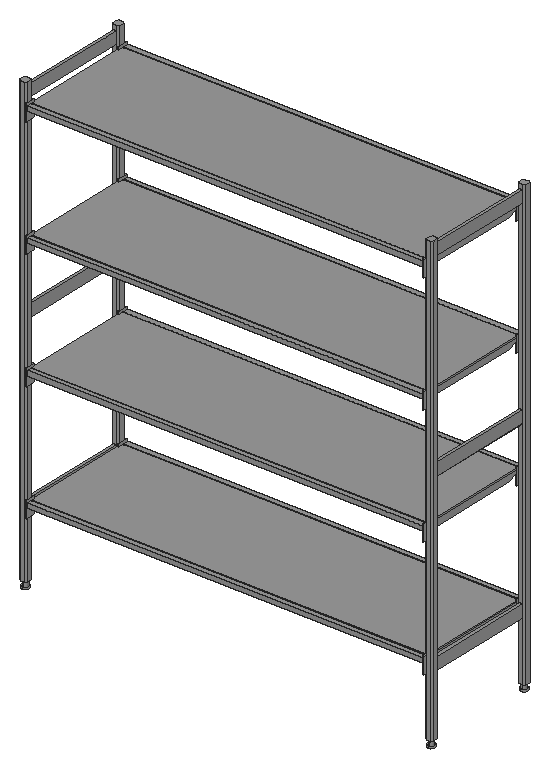
Revit family "QF_ELECTROLUXPROFESSIONAL_137038_BLS1569", category Attrezzature speciali, Revit 2020
Family settings
  Quota connettore circolare = Usa diametro
  Tipo di parte = Normale
  Basato su piano di lavoro = No
  Sempre verticale = Sì
  Taglio con vuoti quando caricato = No
  Condiviso = No
  Punto di calcolo locali = No
Parameters (values of type "Standard")
  Weight = 28.00 kg
  Watts = 0 W
  Volts = 0 V
  URL Manufacturer = "https://www.electroluxprofessional.com/"
  URL = "https://www.electroluxprofessional.com/"
  Steam Supply Size = 0 mm
  Steam Supply Minimum Pressure = 0.0 Pa
  Steam Supply Maximum Pressure = 0.0 Pa
  Steam Consumption per Hour = 0
  Refrigeration Suction Line Size = 0.0 mm
  Refrigeration Liquid Line Size = 0.0 mm
  Refrigerant Compressor Remote = yes
  Prospetto di default = 0.0 mm
  Phase = 0
  Modello = "BLS1569"
  Produttore = "Electrolux Professional"
  Length Actual = 1569.0 mm  # constant formula
  Item Number = "137038"
  Hot Water Size = 0 mm
  Height Actual = 1700.0 mm  # constant formula
  HP = "0 HP"
  Gas Size = 0 mm
  Gas KW = 0
  Gas Input Pressure = 0 W
  Direct Waste Size = 0 mm
  Descrizione = "ALUM.LINEAR SHELV.-POLY.TIERS-475X1569MM"
  Depth Actual = 475.0 mm  # constant formula
  Cycle = 0 Hz
  Condensate Return Size = 0 mm
  Compressed Air Volume = 0.0 L/s
  Compressed Air Size = 0 mm
  Compressed Air Pressure = 0.0 Pa
  Cold Water Size = 0 mm
  Accessory = yes
Reference planes
  plane 1: z = 0
  plane 2 "Center (Left/Right)": x = -31
  plane 3 "LEFT": x = -815.5
  plane 4 "RIGHT": x = 753.5
  plane 5 "BACK": y = 23
  plane 6 "FRONT": y = -452
  plane 7 "TOP": z = 1700
  plane 8: x = 748.5
  plane 9: x = -783.5
  plane 10: x = 721.5
  plane 11 "Center (Front/Back)": y = -214.5
  plane 12: x = 716.5
  plane 13: y = -8.5
  plane 14: y = -420.5
  plane 15 "FEET": z = 25
  plane 16: z = 275
  plane 17: z = 725
  plane 18: z = 1175
  plane 19: z = 1625
  plane 20 "CXLeft": x = -801.5
  plane 21 "CXRight": x = 739.5
  plane 22: y = 5.5
  plane 23 "CYBack": y = 5.5
  plane 24 "CYFront": y = -434.5
Forms (mm)
  Extrusion 1, solid, material "QF_Aluminum"
    sketch origin (-815.5, 0, 0) x (0, 1, 0) y (0, 0, 1)
      loop
        line (4, 1650.994) -> (4, 1632.998) -> (23, 1632.998) -> (23, 1650.994) -> (4, 1650.994)
      loop
        line (-433, 1650.994) -> (-452, 1650.994) -> (-452, 1632.998) -> (-433, 1632.998) -> (-433, 1650.994)
      loop
        line (4, 1200.994) -> (4, 1182.998) -> (23, 1182.998) -> (23, 1200.994) -> (4, 1200.994)
      loop
        line (-433, 1200.994) -> (-452, 1200.994) -> (-452, 1182.998) -> (-433, 1182.998) -> (-433, 1200.994)
      loop
        line (4, 750.994) -> (4, 732.998) -> (23, 732.998) -> (23, 750.994) -> (4, 750.994)
      loop
        line (-433, 750.994) -> (-452, 750.994) -> (-452, 732.998) -> (-433, 732.998) -> (-433, 750.994)
      loop
        line (4, 300.994) -> (4, 282.998) -> (23, 282.998) -> (23, 300.994) -> (4, 300.994)
      loop
        line (-433, 300.994) -> (-452, 300.994) -> (-452, 282.998) -> (-433, 282.998) -> (-433, 300.994)
    from 32 to 1537
  Extrusion 2, solid, material "QF_Polyethylene"
    sketch origin (-815.5, 0, 0) x (0, 1, 0) y (0, 0, 1)
      loop
        line (2.007, 1650.994) -> (-431, 1650.994) -> (-431, 1644.496) -> (2.007, 1644.496) -> (2.007, 1650.994)
      loop
        line (2.007, 1200.994) -> (-431, 1200.994) -> (-431, 1194.496) -> (2.007, 1194.496) -> (2.007, 1200.994)
      loop
        line (2.007, 750.994) -> (-431, 750.994) -> (-431, 744.496) -> (2.007, 744.496) -> (2.007, 750.994)
      loop
        line (2.007, 300.994) -> (-431, 300.994) -> (-431, 294.496) -> (2.007, 294.496) -> (2.007, 300.994)
    from 32 to 1537
  Extrusion 3, solid, material "QF_Aluminum"
    sketch origin (753.5, 0, 0) x (0, 1, 0) y (0, 0, 1)
      loop
        line (-12, 1632.998) -> (4, 1632.998) -> (4, 1650.994) -> (2.007, 1650.994) -> (2.007, 1644.496) -> (-431, 1644.496) -> (-431, 1650.994) -> (-433, 1650.994) -> (-433, 1632.998) -> (-417, 1632.998) -> (-383, 1620.994) -> (-46, 1620.994) -> (-12, 1632.998)
      loop
        line (-12, 1182.998) -> (4, 1182.998) -> (4, 1200.994) -> (2.007, 1200.994) -> (2.007, 1194.496) -> (-431, 1194.496) -> (-431, 1200.994) -> (-433, 1200.994) -> (-433, 1182.998) -> (-417, 1182.998) -> (-383, 1170.994) -> (-46, 1170.994) -> (-12, 1182.998)
      loop
        line (-12, 732.998) -> (4, 732.998) -> (4, 750.994) -> (2.007, 750.994) -> (2.007, 744.496) -> (-431, 744.496) -> (-431, 750.994) -> (-433, 750.994) -> (-433, 732.998) -> (-417, 732.998) -> (-383, 720.994) -> (-46, 720.994) -> (-12, 732.998)
      loop
        line (-12, 282.998) -> (4, 282.998) -> (4, 300.994) -> (2.007, 300.994) -> (2.007, 294.496) -> (-431, 294.496) -> (-431, 300.994) -> (-433, 300.994) -> (-433, 282.998) -> (-417, 282.998) -> (-383, 270.994) -> (-46, 270.994) -> (-12, 282.998)
    from -32 to -37
Lines and regions (mm)
  symbolic lines
    curve 1: line (721.5, 4, 1700) -> (-783.5, 4, 1700)
    curve 2: line (-787.5, 23, 1700) -> (725.5, 23, 1700)
    curve 3: line (725.5, 13.246, 1700) -> (731.754, 19.5, 1700)
    curve 4: line (731.754, -8.5, 1700) -> (725.5, -2.246, 1700)
    curve 5: line (731.754, -420.5, 1700) -> (725.5, -426.754, 1700)
    curve 6: line (-787.5, -452, 1700) -> (725.5, -452, 1700)
    curve 7: line (725.5, 23, 1700) -> (725.5, -12.993, 1700)
    curve 8: line (725.5, -12.993, 1700) -> (721.5, -12.993, 1700)
    curve 9: line (725.5, -452, 1700) -> (725.5, -416.007, 1700)
    curve 10: line (725.5, -416.007, 1700) -> (721.5, -416.007, 1700)
    curve 11: line (-783.5, -12.993, 1700) -> (-783.5, -416.007, 1700)
    curve 12: line (-783.5, -433, 1700) -> (721.5, -433, 1700)
    curve 13: line (721.5, -12.993, 1700) -> (721.5, -416.007, 1700)
Dimensions and locks
  locked: plane 3 "LEFT" to plane 4 "RIGHT" at 1569
  equal spacing: plane 3 "LEFT", plane 2 "Center (Left/Right)", plane 4 "RIGHT"
  locked: plane 7 "TOP" to level at 1700
  locked: plane 5 "BACK" to plane 6 "FRONT" at 475
  locked: plane 4 "RIGHT" to plane 8 at 5
  locked: plane 9 to plane 10 at 1505
  locked: plane 3 "LEFT" to plane 9 at 32
  plane 12 to plane 10 = 5.0 mm
  locked: plane 13 to plane 14 at 412
  equal spacing: plane 13, plane 11 "Center (Front/Back)", plane 14
  equal spacing: plane 5 "BACK", plane 11 "Center (Front/Back)", plane 6 "FRONT"
  plane 15 "FEET" to level = 25.0 mm
  plane 7 "TOP" to plane 15 "FEET" = 1675.0 mm
  plane 16 to plane 15 "FEET" = 250.0 mm
  plane 17 to plane 16 = 450.0 mm
  plane 18 to plane 17 = 450.0 mm
  plane 19 to plane 18 = 450.0 mm
  locked: plane 3 "LEFT" to plane 20 "CXLeft" at 14
  locked: plane 21 "CXRight" to plane 4 "RIGHT" at 14
  locked: plane 5 "BACK" to plane 23 "CYBack" at 17.5
  locked: plane 24 "CYFront" to plane 6 "FRONT" at 17.5
  aligned and locked: level to plane 1
  aligned and locked: plane 9 to Extrusion 2
  aligned and locked: Extrusion 2 to plane 10
  aligned and locked: plane 9 to Extrusion 1
  aligned and locked: Extrusion 1 to plane 10
  aligned and locked: Extrusion 1 sketch curve to Extrusion 1 sketch curve  (x2)
  aligned and locked: Extrusion 3 sketch curve to Extrusion 3 sketch curve  (x3)
  aligned and locked: Extrusion 3 to plane 12
  aligned and locked: Extrusion 3 to plane 10
  aligned and locked: nested 1 to plane 20 "CXLeft"
  aligned and locked: nested 2 to plane 21 "CXRight"
Automatic sketch dimensions
  Extrusion 1 sketch curve to plane 6 "FRONT" = 0.0 mm  (x4)
  Extrusion 1 sketch curve to plane 5 "BACK" = 0.0 mm  (x4)
  plane 24 "CYFront" to Extrusion 1 sketch curve = 1.5 mm  (x2)
  plane 22 to Extrusion 1 sketch curve = 1.5 mm  (x4)
  plane 16 to Extrusion 1 sketch curve = 7.998 mm  (x2)
  Extrusion 1 sketch curve to Extrusion 1 sketch curve = 17.997 mm  (x8)
  plane 17 to Extrusion 1 sketch curve = 7.998 mm  (x2)
  plane 18 to Extrusion 1 sketch curve = 7.998 mm  (x2)
  plane 19 to Extrusion 1 sketch curve = 7.998 mm  (x2)
  plane 24 "CYFront" to Extrusion 2 sketch curve = 3.5 mm  (x4)
  plane 22 to Extrusion 2 sketch curve = 3.493 mm  (x4)
  plane 16 to Extrusion 2 sketch curve = 19.496 mm
  Extrusion 2 sketch curve to Extrusion 2 sketch curve = 6.499 mm  (x4)
  plane 17 to Extrusion 2 sketch curve = 19.496 mm
  plane 18 to Extrusion 2 sketch curve = 19.496 mm
  plane 19 to Extrusion 2 sketch curve = 19.496 mm
  plane 24 "CYFront" to Extrusion 3 sketch curve = 1.5 mm  (x4)
  Extrusion 3 sketch curve to Extrusion 3 sketch curve = 2.0 mm
  plane 14 to Extrusion 3 sketch curve = 3.5 mm  (x4)
  Extrusion 3 sketch curve to plane 16 = 4.006 mm
  Extrusion 3 sketch curve to Extrusion 3 sketch curve = 34.0 mm  (x4)
  Extrusion 3 sketch curve to plane 17 = 4.006 mm
  Extrusion 3 sketch curve to plane 18 = 4.006 mm
  Extrusion 3 sketch curve to plane 19 = 4.006 mm
  Extrusion 3 sketch curve to plane 13 = 37.5 mm  (x4)
  Extrusion 3 sketch curve to plane 13 = 3.5 mm  (x4)
  plane 22 to Extrusion 3 sketch curve = 3.493 mm  (x4)
  plane 22 to Extrusion 3 sketch curve = 1.5 mm  (x4)
  plane 16 to Extrusion 3 sketch curve = 7.998 mm  (x2)
  Extrusion 3 sketch curve to Extrusion 3 sketch curve = 11.498 mm  (x4)
  Extrusion 3 sketch curve to Extrusion 3 sketch curve = 6.499 mm  (x8)
  plane 17 to Extrusion 3 sketch curve = 7.998 mm  (x2)
  plane 18 to Extrusion 3 sketch curve = 7.998 mm  (x2)
  plane 19 to Extrusion 3 sketch curve = 7.998 mm  (x2)
  curve 6 to plane 6 "FRONT" = 0.0 mm
  curve 12 to plane 9 = 0.0 mm
  curve 12 to plane 10 = 0.0 mm
  curve 5 to plane 14 = 0.0 mm
  curve 11 to plane 9 = 0.0 mm
  curve 8 to plane 10 = 0.0 mm
  curve 4 to plane 13 = 0.0 mm
  curve 1 to plane 9 = 0.0 mm
  curve 1 to plane 10 = 0.0 mm
  curve 2 to plane 5 "BACK" = 0.0 mm
  plane 14 to curve 10 = 4.493 mm
  curve 7 to plane 13 = 4.493 mm
  curve 10 to plane 10 = 4.0 mm
  curve 7 to plane 10 = 4.0 mm
  plane 24 "CYFront" to curve 12 = 1.5 mm
  curve 5 to plane 14 = 6.254 mm
  plane 14 to curve 11 = 4.493 mm
  curve 11 to plane 13 = 4.493 mm
  plane 13 to curve 4 = 6.254 mm
  plane 22 to curve 1 = 1.5 mm
  curve 3 to plane 22 = 7.746 mm
  curve 3 to plane 5 "BACK" = 3.5 mm
  curve 5 to curve 9 = 6.254 mm
  curve 3 to curve 2 = 6.254 mm
  curve 4 to curve 7 = 6.254 mm
  plane 9 to curve 2 = 4.0 mm
  plane 9 to curve 6 = 4.0 mm
Nested families
  nested 1: "WT_Anta475" at (-398.5, 0, 0), type "WT_Anta475"
  nested 2: "WT_Anta475" at (336.5, 0, 0) x (-1, 0, 0) z (0, 0, 1), type "WT_Anta475"
Definition of nested family "WT_Anta475"
  Parameters
    WidthLeft = A + 64.0 mm  # 772.0 mm
    Width = 1606.0 mm
    Right = WidthLeft / 2  # 386.0 mm
    Default Elevation = 0.0 mm
    Left = -WidthLeft / 2  # -386.0 mm
    Height = 1725.0 mm
    FEET = 25.0 mm
    E = 0.0 mm
    Dint = Depth - 63.0 mm  # 412.0 mm
    Dext = Depth - 8.0 mm  # 467.0 mm
    Depth = 475.0 mm
    DX = (WidthLeft - A) / 2  # 32.0 mm
    B = 798.0 mm
    A = 708.0 mm
  Reference planes
    plane 1: z = 0
    plane 2 "LEFT": x = -417
    plane 3 "BACK": y = 23
    plane 4 "FRONT": y = -452
    plane 5 "TOP": z = 1725
    plane 6 "Center (Front/Back)": y = -214.5
    plane 7: y = -8.5
    plane 8: y = -420.5
    plane 9 "FEET": z = 25
    plane 10: z = 275
    plane 11: z = 725
    plane 12: z = 1175
    plane 13: z = 1625
    plane 14 "CXLeft": x = -403
    plane 15: y = 5.5
    plane 16 "CYBack": y = 5.5
    plane 17 "CYFront": y = -434.5
    plane 18: x = -385.031
    plane 19: x = -380.031
  Forms (mm)
    Extrusion 1, solid
      sketch origin (0, 0, 0) x (1, 0, 0) y (0, 1, 0)
        loop
          line (-417, 13.246) -> (-417, -2.246) -> (-410.746, -8.5) -> (-395.254, -8.5) -> (-389, -2.246) -> (-389, 13.246) -> (-395.254, 19.5) -> (-410.746, 19.5) -> (-417, 13.246)
      from 1725 to 25
    Extrusion 2, solid
      sketch origin (-417, 0, 0) x (0, 1, 0) y (0, 0, 1)
        loop
          line (23, 246.005) -> (23, 307.993) -> (-12.993, 307.993) -> (-12.993, 246.005) -> (23, 246.005)
        loop
          line (-452, 246.005) -> (-416.007, 246.005) -> (-416.007, 307.993) -> (-452, 307.993) -> (-452, 246.005)
        loop
          line (23, 696.005) -> (23, 757.993) -> (-12.993, 757.993) -> (-12.993, 696.005) -> (23, 696.005)
        loop
          line (-452, 696.005) -> (-416.007, 696.005) -> (-416.007, 757.993) -> (-452, 757.993) -> (-452, 696.005)
        loop
          line (23, 1146.005) -> (23, 1207.993) -> (-12.993, 1207.993) -> (-12.993, 1146.005) -> (23, 1146.005)
        loop
          line (-452, 1146.005) -> (-416.007, 1146.005) -> (-416.007, 1207.993) -> (-452, 1207.993) -> (-452, 1146.005)
        loop
          line (23, 1596.005) -> (23, 1657.993) -> (-12.993, 1657.993) -> (-12.993, 1596.005) -> (23, 1596.005)
        loop
          line (-452, 1596.005) -> (-416.007, 1596.005) -> (-416.007, 1657.993) -> (-452, 1657.993) -> (-452, 1596.005)
      from 28 to 32
    Revolve 3, solid
      sketch origin (-403, 0, 0) x (0, 1, 0) y (0, 0, 1)
        loop
          line (5.5, 25) -> (5.5, 0) -> (19, 0) -> (19, 5) -> (14, 5) -> (14, 25) -> (5.5, 25)
        axis (5.5, 25) -> (5.5, 0)
      angle from 0 to 360
    Extrusion 4, solid
      sketch origin (-403, 0, 0) x (0, 1, 0) y (0, 0, 1)
        loop
          line (-8.5, 912.382) -> (-8.5, 957.374) -> (-420.5, 957.374) -> (-420.5, 912.382) -> (-8.5, 912.382)
        loop
          line (-8.5, 1662.244) -> (-8.5, 1707.236) -> (-420.5, 1707.236) -> (-420.5, 1662.244) -> (-8.5, 1662.244)
      from -5 to 5
    Revolve 5, solid
      sketch origin (-403, -627, 0) x (0, -1, 0) y (0, 0, 1)
        loop
          line (-192.5, 25) -> (-192.5, 0) -> (-179, 0) -> (-179, 5) -> (-184, 5) -> (-184, 25) -> (-192.5, 25)
        axis (-192.5, 25) -> (-192.5, 0)
      angle from 0 to 360
    Extrusion 6, solid
      sketch origin (0, -627, 0) x (1, 0, 0) y (0, 1, 0)
        loop
          line (-417, 184.754) -> (-410.746, 178.5) -> (-395.254, 178.5) -> (-389, 184.754) -> (-389, 200.246) -> (-395.254, 206.5) -> (-410.746, 206.5) -> (-417, 200.246) -> (-417, 184.754)
      from 1725 to 25
    Extrusion 7, solid
      sketch origin (-417.031, -0.022, 0) x (0, 1, 0) y (0, 0, -1)
        loop
          line (-12, -1632.998) -> (-46, -1620.994) -> (-383, -1620.994) -> (-417, -1632.998) -> (-433, -1632.998) -> (-433, -1650.994) -> (-431, -1650.994) -> (-431, -1644.496) -> (2.007, -1644.496) -> (2.007, -1650.994) -> (4, -1650.994) -> (4, -1632.998) -> (-12, -1632.998)
        loop
          line (-12, -1182.998) -> (-46, -1170.994) -> (-383, -1170.994) -> (-417, -1182.998) -> (-433, -1182.998) -> (-433, -1200.994) -> (-431, -1200.994) -> (-431, -1194.496) -> (2.007, -1194.496) -> (2.007, -1200.994) -> (4, -1200.994) -> (4, -1182.998) -> (-12, -1182.998)
        loop
          line (-12, -732.998) -> (-46, -720.994) -> (-383, -720.994) -> (-417, -732.998) -> (-433, -732.998) -> (-433, -750.994) -> (-431, -750.994) -> (-431, -744.496) -> (2.007, -744.496) -> (2.007, -750.994) -> (4, -750.994) -> (4, -732.998) -> (-12, -732.998)
        loop
          line (-12, -282.998) -> (-46, -270.994) -> (-383, -270.994) -> (-417, -282.998) -> (-433, -282.998) -> (-433, -300.994) -> (-431, -300.994) -> (-431, -294.496) -> (2.007, -294.496) -> (2.007, -300.994) -> (4, -300.994) -> (4, -282.998) -> (-12, -282.998)
      from -32 to -37
    Extrusion 8, solid
      sketch origin (-403, 0, -659.878) x (0, 1, 0) y (0, 0, 1)
        loop
          line (-8.5, 912.382) -> (-8.5, 957.374) -> (-420.5, 957.374) -> (-420.5, 912.382) -> (-8.5, 912.382)
        loop
          line (-8.5, 1572.382) -> (-8.5, 1617.374) -> (-420.5, 1617.374) -> (-420.5, 1572.382) -> (-8.5, 1572.382)
        loop
          line (-8.5, 2322.382) -> (-8.5, 2367.374) -> (-420.5, 2367.374) -> (-420.5, 2322.382) -> (-8.5, 2322.382)
      from -5 to 5
  Lines and regions (mm)
    symbolic lines
      curve 1: line (-408, -8.5, 1725) -> (-408, -420.5, 1725)
      curve 2: line (-398, -420.5, 1725) -> (-398, -8.5, 1725)
      curve 3: line (-395.254, -8.5, 1725) -> (-410.746, -8.5, 1725)
      curve 4: line (-417, -2.246, 1725) -> (-410.746, -8.5, 1725)
      curve 5: line (-417, 13.246, 1725) -> (-417, -2.246, 1725)
      curve 6: line (-410.746, 19.5, 1725) -> (-417, 13.246, 1725)
      curve 7: line (-395.254, 19.5, 1725) -> (-410.746, 19.5, 1725)
      curve 8: line (-389, 13.246, 1725) -> (-395.254, 19.5, 1725)
      curve 9: line (-395.254, -8.5, 1725) -> (-389, -2.246, 1725)
      curve 10: line (-395.254, -420.5, 1725) -> (-410.746, -420.5, 1725)
      curve 11: line (-417, -426.754, 1725) -> (-410.746, -420.5, 1725)
      curve 12: line (-410.746, -448.5, 1725) -> (-417, -442.246, 1725)
      curve 13: line (-395.254, -448.5, 1725) -> (-410.746, -448.5, 1725)
      curve 14: line (-389, -442.246, 1725) -> (-395.254, -448.5, 1725)
      curve 15: line (-395.254, -420.5, 1725) -> (-389, -426.754, 1725)
      curve 16: line (-389, -452, 1725) -> (-389, -416.007, 1725)
      curve 17: line (-389, -416.007, 1725) -> (-385, -416.007, 1725)
      curve 18: line (-389, 23, 1725) -> (-389, -12.993, 1725)
      curve 19: line (-389, -12.993, 1725) -> (-385, -12.993, 1725)
      curve 20: line (-417, -426.754, 1725) -> (-417, -442.246, 1725)
      curve 21: line (-385, -452, 1725) -> (-385, -416.007, 1725)
      curve 22: line (-385, -452, 1725) -> (-389, -452, 1725)
      curve 23: line (-385, 23, 1725) -> (-389, 23, 1725)
      curve 24: line (-385, -12.993, 1725) -> (-385, 23, 1725)
      curve 25: line (-385.031, -13.016, 1725) -> (-385.031, -416.029, 1725)
  Dimensions and locks
    "Height": plane 5 "TOP" to level
    "Depth": plane 3 "BACK" to plane 4 "FRONT"
    "Dint": plane 7 to plane 8
    equal spacing: plane 7, plane 6 "Center (Front/Back)", plane 8
    equal spacing: plane 3 "BACK", plane 6 "Center (Front/Back)", plane 4 "FRONT"
    plane 9 "FEET" to level = 25.0 mm
    plane 5 "TOP" to plane 9 "FEET" = 1700.0 mm
    plane 10 to plane 9 "FEET" = 250.0 mm
    plane 11 to plane 10 = 450.0 mm
    plane 12 to plane 11 = 450.0 mm
    plane 13 to plane 12 = 450.0 mm
    locked: plane 2 "LEFT" to plane 14 "CXLeft" at 14
    locked: plane 3 "BACK" to plane 16 "CYBack" at 17.5
    locked: plane 17 "CYFront" to plane 4 "FRONT" at 17.5
    locked: Revolve 3 sketch curve to Revolve 3 sketch curve at 8.5
    locked: Revolve 3 sketch curve to plane 16 "CYBack" at 13.5
    locked: Revolve 5 sketch curve to Revolve 5 sketch curve at 8.5
    aligned and locked: level to plane 1
    aligned and locked: curve 20 to Extrusion 6
    aligned and locked: plane 5 "TOP" to Extrusion 1
    aligned and locked: plane 5 "TOP" to Extrusion 6
    aligned and locked: Extrusion 7 sketch curve to Extrusion 7 sketch curve  (x3)
  Automatic sketch dimensions
    curve 16 to plane 4 "FRONT" = 0.0 mm
    curve 11 to plane 8 = 0.0 mm
    curve 9 to plane 7 = 0.0 mm
    curve 5 to plane 2 "LEFT" = 0.0 mm
    curve 23 to plane 3 "BACK" = 0.0 mm
    plane 4 "FRONT" to curve 13 = 3.5 mm
    curve 20 to plane 17 "CYFront" = 7.746 mm
    curve 20 to plane 8 = 6.254 mm
    plane 8 to curve 16 = 4.493 mm
    curve 24 to plane 18 = 0.031 mm
    curve 24 to plane 7 = 4.493 mm
    plane 7 to curve 5 = 6.254 mm
    curve 5 to plane 15 = 7.746 mm
    curve 6 to plane 3 "BACK" = 3.5 mm
    curve 21 to plane 18 = 0.031 mm
    plane 18 to curve 23 = 3.969 mm
    plane 18 to curve 16 = 3.969 mm
    curve 18 to curve 8 = 6.254 mm
    curve 18 to curve 3 = 6.254 mm
    curve 16 to curve 13 = 6.254 mm
    curve 16 to curve 15 = 6.254 mm
    plane 2 "LEFT" to curve 10 = 6.254 mm
    plane 2 "LEFT" to curve 7 = 6.254 mm
    plane 2 "LEFT" to curve 12 = 6.254 mm
    plane 2 "LEFT" to curve 3 = 6.254 mm
    curve 14 to plane 17 "CYFront" = 7.746 mm
    curve 15 to plane 8 = 6.254 mm
    plane 7 to curve 9 = 6.254 mm
    curve 8 to plane 15 = 7.746 mm
    curve 3 to curve 2 = 2.746 mm
    curve 1 to curve 10 = 2.746 mm
    Extrusion 1 sketch curve to plane 2 "LEFT" = 0.0 mm
    Extrusion 1 sketch curve to plane 7 = 0.0 mm
    plane 2 "LEFT" to Extrusion 1 sketch curve = 6.254 mm  (x2)
    plane 14 "CXLeft" to Extrusion 1 sketch curve = 7.746 mm  (x2)
    Extrusion 1 sketch curve to plane 3 "BACK" = 3.5 mm
    plane 18 to Extrusion 1 sketch curve = 3.969 mm
    plane 7 to Extrusion 1 sketch curve = 6.254 mm  (x2)
    Extrusion 1 sketch curve to plane 15 = 7.746 mm  (x2)
    Extrusion 2 sketch curve to plane 4 "FRONT" = 0.0 mm  (x4)
    Extrusion 2 sketch curve to plane 3 "BACK" = 0.0 mm  (x4)
    plane 8 to Extrusion 2 sketch curve = 4.493 mm  (x4)
    Extrusion 2 sketch curve to plane 7 = 4.493 mm  (x4)
    Extrusion 2 sketch curve to plane 10 = 28.995 mm  (x2)
    plane 10 to Extrusion 2 sketch curve = 32.993 mm  (x2)
    Extrusion 2 sketch curve to plane 11 = 28.995 mm  (x2)
    plane 11 to Extrusion 2 sketch curve = 32.993 mm  (x2)
    Extrusion 2 sketch curve to plane 12 = 28.995 mm  (x2)
    plane 12 to Extrusion 2 sketch curve = 32.993 mm  (x2)
    Extrusion 2 sketch curve to plane 13 = 28.995 mm  (x2)
    plane 13 to Extrusion 2 sketch curve = 32.993 mm  (x2)
    Revolve 3 sketch curve to plane 9 "FEET" = 0.0 mm  (x2)
    Revolve 3 sketch curve to plane 15 = 0.0 mm  (x2)
    Revolve 3 sketch curve to level = 0.0 mm
    level to Revolve 3 sketch curve = 5.0 mm
    Revolve 3 sketch curve to Revolve 3 sketch curve = 11.655 mm
    Extrusion 4 sketch curve to plane 8 = 0.0 mm  (x2)
    Extrusion 4 sketch curve to plane 7 = 0.0 mm  (x2)
    plane 11 to Extrusion 4 sketch curve = 187.382 mm
    Extrusion 4 sketch curve to Extrusion 4 sketch curve = 44.992 mm
    plane 13 to Extrusion 4 sketch curve = 37.244 mm
    Extrusion 4 sketch curve to plane 5 "TOP" = 17.764 mm
    Revolve 5 sketch curve to plane 9 "FEET" = 0.0 mm  (x2)
    Revolve 5 sketch curve to plane 17 "CYFront" = 0.0 mm  (x2)
    Revolve 5 sketch curve to level = 0.0 mm
    Revolve 5 sketch curve to plane 4 "FRONT" = 4.0 mm
    Revolve 5 sketch curve to Revolve 5 sketch curve = 5.0 mm
    level to Revolve 5 sketch curve = 11.655 mm
    Extrusion 6 sketch curve to plane 2 "LEFT" = 0.0 mm
    Extrusion 6 sketch curve to plane 8 = 0.0 mm
    Extrusion 6 sketch curve to plane 2 "LEFT" = 6.254 mm  (x2)
    Extrusion 6 sketch curve to plane 14 "CXLeft" = 7.746 mm  (x2)
    Extrusion 6 sketch curve to plane 4 "FRONT" = 3.5 mm
    Extrusion 6 sketch curve to plane 18 = 3.969 mm
    plane 8 to Extrusion 6 sketch curve = 6.254 mm  (x2)
    plane 17 "CYFront" to Extrusion 6 sketch curve = 7.746 mm  (x2)
    plane 17 "CYFront" to Extrusion 7 sketch curve = 1.478 mm  (x4)
    Extrusion 7 sketch curve to Extrusion 7 sketch curve = 2.0 mm
    plane 8 to Extrusion 7 sketch curve = 3.478 mm  (x4)
    Extrusion 7 sketch curve to plane 10 = 4.006 mm
    Extrusion 7 sketch curve to Extrusion 7 sketch curve = 34.0 mm  (x4)
    Extrusion 7 sketch curve to plane 11 = 4.006 mm
    Extrusion 7 sketch curve to plane 12 = 4.006 mm
    Extrusion 7 sketch curve to plane 13 = 4.006 mm
    Extrusion 7 sketch curve to plane 7 = 37.522 mm  (x4)
    Extrusion 7 sketch curve to plane 7 = 3.522 mm  (x4)
    plane 15 to Extrusion 7 sketch curve = 3.516 mm  (x4)
    plane 15 to Extrusion 7 sketch curve = 1.522 mm  (x4)
    plane 13 to Extrusion 7 sketch curve = 7.998 mm  (x2)
    Extrusion 7 sketch curve to Extrusion 7 sketch curve = 11.498 mm
    Extrusion 7 sketch curve to Extrusion 7 sketch curve = 6.499 mm  (x5)
    plane 12 to Extrusion 7 sketch curve = 25.994 mm  (x2)
    plane 12 to Extrusion 7 sketch curve = 7.998 mm  (x2)
    plane 11 to Extrusion 7 sketch curve = 25.994 mm  (x2)
    plane 11 to Extrusion 7 sketch curve = 7.998 mm  (x2)
    plane 10 to Extrusion 7 sketch curve = 25.994 mm  (x2)
    plane 10 to Extrusion 7 sketch curve = 7.998 mm  (x2)
    curve 25 to plane 18 = 0.0 mm
    plane 8 to curve 25 = 4.471 mm
    curve 25 to plane 7 = 4.516 mm
    Extrusion 8 sketch curve to plane 8 = 0.0 mm  (x3)
    Extrusion 8 sketch curve to plane 7 = 0.0 mm  (x3)
    Extrusion 8 sketch curve to plane 10 = 22.496 mm
    plane 10 to Extrusion 8 sketch curve = 22.496 mm
    plane 11 to Extrusion 8 sketch curve = 187.504 mm
    Extrusion 8 sketch curve to Extrusion 8 sketch curve = 44.992 mm
    plane 13 to Extrusion 8 sketch curve = 37.504 mm
    Extrusion 8 sketch curve to plane 5 "TOP" = 17.504 mm
